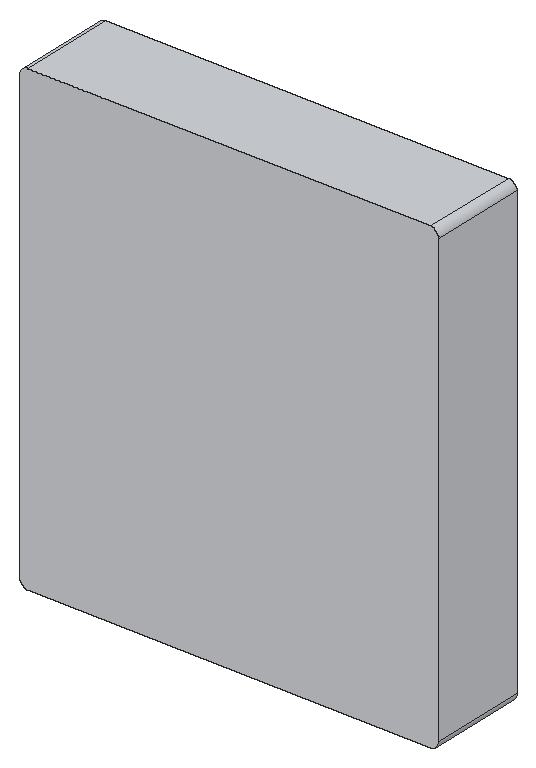
Revit family "Atlas_Sound_IP-SDM_Wall_Surface_Mounted", category Communication Devices, host Wall, Revit 2016
Family settings
  Host = Wall
  Maintain Annotation Orientation = No
  Part Type = Normal
  Round Connector Dimension = Use Diameter
  Always vertical = Yes
  Cut with Voids When Loaded = No
  Shared = No
  Room Calculation Point = No
Parameters
  Warranty Duration (Years) = 0
  URL = "https://www.atlasied.com/ip-sdm"
  Specification = ""
  SpecWizard = ""
  Send Message = ""
  Sales Information = ""
  Revision = ""
  Product Properties = ""
  Product Data = "https://www.atlasied.com/f/5898/ipx-series-endpoint-speaker-install-sheet.pdf"
  OmniClass Title = ""
  OmniClass Number = ""
  MasterFormat04 Keynote = ""
  Manufacturer's Notes = ""
  Manufacturer Website = "https://www.atlasied.com/"
  Manufacturer Phone - Toll Free = "800-876-3333"
  Manufacturer Phone = "602-438-4545"
  Manufacturer Fax = "602-438-8692"
  Manufacturer Email = ""
  Manufacturer Address = "4545 E. Baseline Rd. Phoenix, AZ 85040"
  Manufacturer = "Atlas Sound"
  Maintenance Schedule (Months) = 0
  Installation-Fabrication = "https://www.atlasied.com/f/5898/ipx-series-endpoint-speaker-install-sheet.pdf"
  Installation Phase = ""
  Green Building-LEED = ""
  Expected Lifespan (Years) = 0
  Drawn By = "Matt Wunch"
  Description = "POE+ indoor wall mount IP speaker with LCD display and paging microphone"
  Copyright = "Arcat, Inc. ©2018"
  Construction Details = ""
  Company_ID = 0
  Category = ""
  Building Codes = ""
Reference planes (in)
  plane 1: y = 0
  plane 2 "Center (Left/Right)": x = 0
  plane 3 "Wall Edge": y = 3
Text (in)
  text "Placement Side" at (0, 40.15149, 123.01588), in view "Right"
  text "Placement Side" at (-70.3804, 28.46503, 0), in view "Ref. Level"
  text "Placement Side" at (0, 81.62555, 140.59947), in view "Left"
Dimensions and locks (in)
  locked: plane 3 "Wall Edge" to host wall
Nested families (in)
  nested 1: "Nested_Family_IP-SDM" at (0, 3, 48) x (-1, 0, 0) z (0, 1, 0), type "Nested_Family_IP-SDM"
Connectors (in)
  electrical at (0, 6, 48)
    settings: on nested 1, index 1, voltage 0 V, apparent load 0 VA, apparent load phase1 0 VA, apparent load phase2 0 VA, apparent load phase3 0 VA, power factor 1, load classification "Other", number of poles 1, system type 14, power factor state 1, is connector primary yes, connector utility no, sub classification motor no, connector description ""
Definition of nested family "Nested_Family_IP-SDM"
  Parameters (values of type "Nested_Family_IP-SDM")
    Warranty Duration (Years) = 0
    URL = "https://www.atlasied.com/ip-sm"
    Specification = ""
    SpecWizard = ""
    Send Message = ""
    Sales Information = ""
    Revision = ""
    Product Properties = ""
    Product Data = "https://www.atlasied.com/f/5898/ipx-series-endpoint-speaker-install-sheet.pdf"
    OmniClass Title = ""
    OmniClass Number = ""
    Model = "IP-SM"
    MasterFormat04 Keynote = ""
    Manufacturer's Notes = ""
    Manufacturer Website = "https://www.atlasied.com/"
    Manufacturer Phone - Toll Free = "800-876-3333"
    Manufacturer Phone = "602-438-4545"
    Manufacturer Fax = "602-438-8692"
    Manufacturer Email = ""
    Manufacturer Address = "4545 E. Baseline Rd. Phoenix, AZ 85040"
    Manufacturer = "Atlas Sound"
    Maintenance Schedule (Months) = 0
    Width = 1' - 0 7/8"
    Installation-Fabrication = "https://www.atlasied.com/f/5898/ipx-series-endpoint-speaker-install-sheet.pdf"
    Installation Phase = ""
    Height = 1' - 2 3/8"
    Green Building-LEED = ""
    Expected Lifespan (Years) = 0
    Drawn By = "Matt Wunch"
    Description = "POE+ indoor wall / ceiling mount IP speaker with paging microphone"
    Default Elevation = 4' - 0"
    Copyright = "Arcat, Inc. ©2018"
    Construction Details = ""
    Company_ID = 38830
    Category = ""
    Building Codes = ""
  Reference planes (in)
    plane 1 "Center (Front/Back)": y = 0
    plane 2: z = 0
    plane 3 "Center (Left/Right)": x = 0
    plane 4: x = -6.4375
    plane 5: x = 6.4375
    plane 6: y = -7.1875
    plane 7: y = 7.1875
  Forms (in)
    Extrusion 1, solid
      sketch origin (0, 0, 0) x (1, 0, 0) y (0, 1, 0)
        loop
          arc (-6.1875, 7.1875) -> (-6.36428, 7.11428) -> (-6.4375, 6.9375) r 0.25
          line (-6.4375, 6.9375) -> (-6.4375, -6.9375)
          arc (-6.4375, -6.9375) -> (-6.36428, -7.11428) -> (-6.1875, -7.1875) r 0.25
          line (-6.1875, -7.1875) -> (6.1875, -7.1875)
          arc (6.1875, -7.1875) -> (6.36428, -7.11428) -> (6.4375, -6.9375) r 0.25
          line (6.4375, -6.9375) -> (6.4375, 6.9375)
          arc (6.4375, 6.9375) -> (6.36428, 7.11428) -> (6.1875, 7.1875) r 0.25
          line (6.1875, 7.1875) -> (-6.1875, 7.1875)
      from 0 to 3
  Lines and regions (in)
    model lines
      curve 1: line (-6.0625, 6.6875, 3) -> (6.0625, 6.6875, 3)
      curve 2: line (-6.3125, -6.4375, 3) -> (-6.3125, 6.4375, 3)
      curve 3: line (6.0625, -6.6875, 3) -> (-6.0625, -6.6875, 3)
      curve 4: line (6.3125, 6.4375, 3) -> (6.3125, -6.4375, 3)
      curve 5: arc (-6.3125, 6.4375, 3) -> (-6.23928, 6.61428, 3) -> (-6.0625, 6.6875, 3) r 0.25
      curve 6: arc (6.0625, 6.6875, 3) -> (6.23928, 6.61428, 3) -> (6.3125, 6.4375, 3) r 0.25
      curve 7: arc (6.3125, -6.4375, 3) -> (6.23928, -6.61428, 3) -> (6.0625, -6.6875, 3) r 0.25
      curve 8: arc (-6.0625, -6.6875, 3) -> (-6.23928, -6.61428, 3) -> (-6.3125, -6.4375, 3) r 0.25
      curve 9: line (-5.375, -2.1875, 3) -> (5.375, -2.1875, 3)
      curve 10: line (-5.5, -5.5625, 3) -> (-5.5, -2.3125, 3)
      curve 11: line (5.375, -5.6875, 3) -> (-5.375, -5.6875, 3)
      curve 12: line (5.5, -2.3125, 3) -> (5.5, -5.5625, 3)
      curve 13: arc (-5.5, -2.3125, 3) -> (-5.46339, -2.22411, 3) -> (-5.375, -2.1875, 3) r 0.125
      curve 14: arc (-5.5, -5.5625, 3) -> (-5.46339, -5.65089, 3) -> (-5.375, -5.6875, 3) r 0.125
      curve 15: arc (5.375, -5.6875, 3) -> (5.46339, -5.65089, 3) -> (5.5, -5.5625, 3) r 0.125
      curve 16: arc (5.5, -2.3125, 3) -> (5.46339, -2.22411, 3) -> (5.375, -2.1875, 3) r 0.125
  Dimensions and locks (in)
    equal spacing: plane 4, plane 3 "Center (Left/Right)", plane 5
    "Width": plane 4 to plane 5
    equal spacing: plane 7, plane 1 "Center (Front/Back)", plane 6
    "Height": plane 7 to plane 6
    aligned and locked: plane 2 to level
    aligned and locked: Extrusion 1 sketch curve to plane 4
    aligned and locked: Extrusion 1 sketch curve to plane 7
    aligned and locked: Extrusion 1 sketch curve to plane 5
    aligned and locked: Extrusion 1 sketch curve to plane 6
  Automatic sketch dimensions
    Extrusion 1 sketch curve to plane 4 = 0' - 0 1/4"  (x2)
    Extrusion 1 sketch curve to plane 5 = 0' - 0 1/4"  (x2)
    curve 8 to Extrusion 1 = 0' - 0 3/8"
    curve 5 to Extrusion 1 = 0' - 0 3/8"
    curve 6 to Extrusion 1 = 0' - 0 3/8"
    curve 7 to Extrusion 1 = 0' - 0 3/8"
    curve 8 to Extrusion 1 = 0' - 0 3/4"
    curve 6 to Extrusion 1 = 0' - 0 3/4"
    curve 2 to Extrusion 1 = 0' - 0 1/8"
    curve 6 to Extrusion 1 = 0' - 0 1/8"
    curve 13 to Extrusion 1 = 0' - 1 1/16"
    curve 15 to Extrusion 1 = 0' - 1 1/16"
    curve 8 to curve 14 = 0' - 0 7/8"
    curve 7 to curve 15 = 0' - 0 7/8"
    curve 15 to curve 16 = 0' - 3 1/4"
    curve 14 to curve 14 = 0' - 0 1/8"
    curve 13 to curve 13 = 0' - 0 1/8"
    curve 16 to curve 12 = 0' - 0 1/8"
